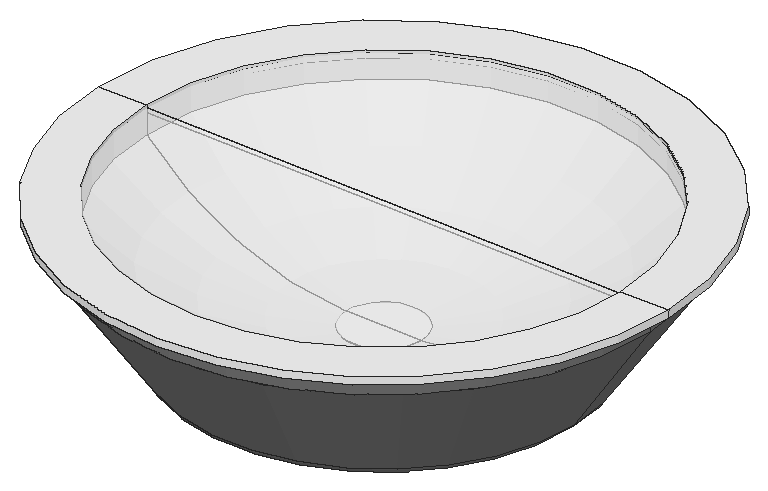
Revit family "0030308", category Lighting Fixtures, host Face, Revit 2016
Family settings
  Host = Face
  Part Type = Normal
  Round Connector Dimension = Use Diameter
  OmniClass Number = 23.80.70.00
  OmniClass Title = Lighting
  Cut with Voids When Loaded = No
  Light Source = Yes
  Shared = No
  Room Calculation Point = No
Parameters (values of type "0030308 Insaver Slim IP44 225 3850lm 830")
  WidthBezel_SYL = if(Size1_SYL, 20 mm, if(Size2_SYL, 20 mm, if(Size3PIR_SYL, 30 mm, if(Size4_SYL, 20 mm, 20 mm))))  # 20 mm
  Weight = "11.4 kg"
  Wattage Comments = ""
  Wattage = 33 W
  WarrantyStartDate [instance] = "n/a"
  WarrantyGuarantorParts = "n/a"
  WarrantyDurationUnit = "n/a"
  WarrantyDurationParts = "n/a"
  WarrantyDescription = "n/a"
  built-in parameter 1150110 = 1 (stored number, unit not read)
  Voltage = 230 V
  VisibilityPIR_SYL = Size3PIR_SYL  # no
  URL = "http://www.sylvania-lighting.com"
  TypeName = "Insaver Slim IP44 225 3850lm 830"
  Type Image = <None>
  Type Comments = "n/a"
  built-in parameter 1114217 = 1 (stored number, unit not read)
  Tilt Angle = -90.00°
  built-in parameter 1150109 = 1 (stored number, unit not read)
  built-in parameter 1150134 = (empty or 0)
  built-in parameter 1150113 = 1 (stored number, unit not read)
  Size4_SYL = no
  Size3PIR_SYL = no
  Size2_SYL = no
  Size1_SYL = no
  SerialNumber [instance] = "n/a"
  RadiusTop_SYL = 6 mm
  RadiusReflector_SYL = if(Size1_SYL, 85 mm, if(Size2_SYL, 85 mm, if(Size3PIR_SYL, 85 mm, if(Size4_SYL, 100 mm, 120 mm))))  # 120 mm
  Photometric Web File = "0030308.ies"
  Material_3_FEILO = Top-Sylvania-STARTDownlight
  PowerFactor = 0.9
  PowerConsumption = "33 W"
  NominalLength = 240 mm
  NominalHeight = 60 mm
  NominalDepth = 240 mm
  Name = "Insaver Slim IP44 225 3850lm 830"
  ModelReference = Name  # "Insaver Slim IP44 225 3850lm 830"
  ModelNumber = "0030308"
  Model = Name  # "Insaver Slim IP44 225 3850lm 830"
  Material = "aluminium housing, na diffuser"
  ManufacturerName = "Feilo Sylvania"
  Manufacturer = "Feilo Sylvania"
  LuminousEfficacy = "117 lm/W"
  built-in parameter 1150105 = 307.25 (stored number, unit not read)
  Lumens = 3861 lm
  LuminaireType = ""
  built-in parameter 1150115 = 1 (stored number, unit not read)
  LightOutputRatio = "n/a"
  built-in parameter 1150137 = (empty or 0)
  built-in parameter 1150139 = (empty or 0)
  LampsType = Lamp  # "LED"
  LampNominalLuminous = "3850 lm"
  LampMacAdamStep = "5"
  LampColourTemperature = "3000 K"
  LampColourRenderingIndex = "80"
  built-in parameter 1150112 = 1 (stored number, unit not read)
  built-in parameter 1150114 = 1 (stored number, unit not read)
  Lamp = "LED"
  Keynote = "16500"
  InstallationDate [instance] = "n/a"
  InputVoltage = "AC 220-240 V"
  InputNominalFrequency = "50/60 Hz"
  built-in parameter 1150132 = (empty or 0)
  built-in parameter 1150102 = (empty or 0)
  built-in parameter 1150107 = 3000 (stored number, unit not read)
  built-in parameter 1150138 = (empty or 0)
  IngressProtection = "IP40/20"
  ImpactProtectionIndex = "IK07"
  built-in parameter 1150106 = 3.0725 (stored number, unit not read)
  IfcExportType = "IfcLightFixtureType"
  IfcExportAs = "IfcLightFixtureType"
  Height_SYL = if(Size1_SYL, 61 mm, if(Size2_SYL, 61 mm, if(Size3PIR_SYL, 61 mm, if(Size4_SYL, 61 mm, 60 mm))))  # 60 mm
  HeightBezel_SYL = if(Size1_SYL, 3 mm, if(Size2_SYL, 3 mm, if(Size3PIR_SYL, 3 mm, if(Size4_SYL, 3.2 mm, 3 mm))))  # 3 mm
  ExpectedLife = 50000
  Emit from Circle Diameter = Diameter_SYL - 40 mm  # 200 mm
  Emit Shape Visible in Rendering = no
  ElectricShockClassification = "Class II"
  built-in parameter 1150104 = 10.87 (stored number, unit not read)
  DurationUnit = "hours"
  DocumentationLiterature = "http://www.sylvania-lighting.com/product/en-int/products/0030308"
  DimmingControlOptions = "n/a"
  Material_2_FEILO = Diffuser-Sylvania-STARTDownlight
  Dimming Lamp Color Temperature Shift = <None>
  Diameter_SYL = if(Size1_SYL, 165 mm, if(Size2_SYL, 190 mm, if(Size3PIR_SYL, 211 mm, if(Size4_SYL, 220 mm, 240 mm))))  # 240 mm
  DiameterTop_SYL = if(Size1_SYL, 98 mm, if(Size2_SYL, 122 mm, if(Size3PIR_SYL, 120 mm, if(Size4_SYL, 135 mm, 158 mm))))  # 158 mm
  DiameterTopBase_SYL = DiameterRecess_SYL  # 225 mm
  DiameterRecess_SYL = if(Size1_SYL, 150 mm, if(Size2_SYL, 170 mm, if(Size3PIR_SYL, 186 mm, if(Size4_SYL, 200 mm, 225 mm))))  # 225 mm
  Description = ""
  Default Elevation = 1219.2 mm
  CreatedOn = "3/18/2019"
  CreatedBy = "@sylvania-lighting.com"
  Cost = 0
  Color Filter = 16777215
  built-in parameter 1114216 [instance] = (empty or 0)
  ClassificationValue = "EF_70_80"
  ClassificationName = "Uniclass2015"
  Material_1_FEILO = Trim-Sylvania-STARTDownlight-White
  BarCode [instance] = "n/a"
  built-in parameter 1114218 = 1 (stored number, unit not read)
  built-in parameter 1150133 = 10 (stored number, unit not read)
  AssetType = "Fixed"
  AssetIdentifier [instance] = "n/a"
  Assembly Code = "D5020200"
  Apparent Load = 33 VA
  Material_4_FEILO = LED-Sylvania-STARTDownlight
Reference planes
  plane 1 "Center (Front/Back)": y = 0
  plane 2: z = 0
  plane 3 "Center (Left/Right)": x = 0
  plane 4: x = 120
  plane 5: x = -120
  plane 6: z = 3
  plane 7: z = -8
  plane 8: z = -57
  plane 9: x = -112.5
  plane 10: x = 112.5
  plane 11: x = -79
  plane 12: x = 79
  plane 13: z = -85
  plane 14: x = -100
  plane 15: z = 2
  plane 16: z = -45
  plane 17: x = -16
  plane 18: x = -105
  plane 19: x = -81.5
  plane 20: x = -99.5
  plane 21: x = -114
  plane 22: z = 5.5
  plane 23: z = 8.7
  plane 24: x = -113
  plane 25: z = 13.7
Forms (mm)
  Revolve 1, void
    sketch origin (0, 0, 0) x (1, 0, 0) y (0, 0, 1)
      loop
        line (0, 0) -> (-112.5, 0) -> (-112.5, -85) -> (0, -85) -> (0, 0)
      axis (0, 0) -> (0, -85)
    angle from 360 to 0
  Revolve 2, solid, material "Trim-Sylvania-STARTDownlight-White" <- "Material_1_FEILO"
    sketch origin (0, 0, 0) x (1, 0, 0) y (0, 0, 1)
      loop
        line (-100, 3) -> (-120, 3) -> (-120, 0) -> (-112.5, 0) -> (-112.5, -8) -> (-80.681, -53.768)
        arc (-80.681, -53.768) -> (-78.471, -56.129) -> (-75.357, -57) r 6
        line (-75.357, -57) -> (0, -57) -> (0, -45) -> (-16, -45)
        arc (-16, -45) -> (-61.677, -34.849) -> (-100, -8) r 120
        line (-100, -8) -> (-100, 3)
      axis (0, 3) -> (0, -57)
    angle from 360 to 0
  Revolve 3, solid, material "Diffuser-Sylvania-STARTDownlight" <- "Material_2_FEILO"
    sketch origin (0, 0, 0) x (1, 0, 0) y (0, 0, 1)
      loop
        line (-100, 0) -> (0, 0) -> (0, 2) -> (-100, 2) -> (-100, 0)
      axis (0, 2) -> (0, 0)
    angle from 360 to 0
  Revolve 4, solid, material "Trim-Sylvania-STARTDownlight-White" <- "Material_1_FEILO", visible <- "VisibilityPIR_SYL"
    sketch origin (0, 0, 0) x (1, 0, 0) y (0, 0, 1)
      loop
        line (-105, 3) -> (-105, 13.7)
        arc (-105, 13.7) -> (-109.717, 12.347) -> (-113, 8.7) r 8.9
        line (-113, 8.7) -> (-113, 5.5) -> (-114, 5.5) -> (-114, 3) -> (-105, 3)
      axis (-105, 13.7) -> (-105, 3)
    angle from 360 to 0
Dimensions and locks
  equal spacing: plane 4, plane 3 "Center (Left/Right)", plane 5
  "Diameter_SYL": plane 4 to plane 5
  equal spacing: plane 10, plane 3 "Center (Left/Right)", plane 9
  equal spacing: plane 12, plane 3 "Center (Left/Right)", plane 11
  "DiameterTop_SYL": plane 12 to plane 11
  "HeightBezel_SYL": plane 6 to plane 2
  "Height_SYL": plane 6 to plane 8
  locked: plane 2 to plane 7 at 8
  locked: plane 2 to plane 13 at 85
  "WidthBezel_SYL": plane 14 to plane 5
  locked: plane 6 to plane 15 at 1
  "DiameterRecess_SYL": plane 10 to plane 9
  locked: plane 3 "Center (Left/Right)" to plane 17 at 16
  locked: plane 16 to plane 8 at 12
  locked: plane 18 to plane 21 at 9
  locked: plane 22 to plane 6 at 2.5
  locked: plane 23 to plane 22 at 3.2
  locked: plane 18 to plane 24 at 8
  locked: plane 25 to plane 23 at 5
  locked: plane 25 to Revolve 4 sketch curve at 8.9
  locked: plane 18 to plane 5 at 15
  "RadiusReflector_SYL": radius of Revolve 2 sketch curve
  "RadiusTop_SYL": radius of Revolve 2 sketch curve
  aligned and locked: plane 2 to host face
  aligned and locked: level to host face
  aligned and locked: Revolve 1 sketch curve to plane 3 "Center (Left/Right)"
  aligned and locked: plane 3 "Center (Left/Right)" to Revolve 1 sketch curve
  aligned and locked: Revolve 1 sketch curve to plane 9
  aligned and locked: plane 13 to Revolve 1 sketch curve
  aligned and locked: plane 3 "Center (Left/Right)" to imposter light
  aligned and locked: imposter light to plane 15
  aligned and locked: imposter light to plane 1 "Center (Front/Back)"
  aligned and locked: Revolve 2 sketch curve to plane 3 "Center (Left/Right)"
  aligned and locked: Revolve 2 sketch curve to plane 6
  aligned and locked: Revolve 2 sketch curve to plane 5
  aligned and locked: Revolve 2 sketch curve to level
  aligned and locked: plane 7 to Revolve 2 sketch curve  (x2)
  aligned and locked: Revolve 2 sketch curve to plane 9
  aligned and locked: plane 8 to Revolve 2 sketch curve
  aligned and locked: Revolve 2 sketch curve to plane 14
  aligned and locked: plane 3 "Center (Left/Right)" to Revolve 2 sketch curve
  aligned and locked: Revolve 2 sketch curve to plane 16
  aligned and locked: Revolve 3 sketch curve to plane 3 "Center (Left/Right)"
  aligned and locked: Revolve 3 sketch curve to level
  aligned and locked: imposter light to Revolve 3 sketch curve  (x2)
  aligned and locked: Revolve 4 sketch curve to plane 18  (x2)
  aligned and locked: Revolve 4 sketch curve to plane 6
  aligned and locked: plane 22 to Revolve 4 sketch curve
  aligned and locked: plane 24 to Revolve 4 sketch curve
  aligned and locked: Revolve 4 sketch curve to Revolve 4 sketch curve
  aligned and locked: plane 21 to Revolve 4 sketch curve
Automatic sketch dimensions
  host sketch curve to host sketch curve = 2438.4 mm  (x2)
  plane 13 to Revolve 1 sketch curve = 524.6 mm
  Revolve 1 sketch curve to plane 6 = 2606.058 mm
  Revolve 1 sketch curve to level = 0 mm
  Revolve 2 sketch curve to plane 17 = 0 mm
  Revolve 2 sketch curve to plane 11 = 1.681 mm
  plane 11 to Revolve 2 sketch curve = 3.643 mm
  plane 13 to Revolve 2 sketch curve = 524.6 mm
  Revolve 2 sketch curve to Revolve 2 sketch curve = 2577.983 mm
  Revolve 3 sketch curve to plane 14 = 0 mm
  plane 13 to Revolve 3 sketch curve = 524.6 mm
  Revolve 3 sketch curve to plane 6 = 2606.058 mm
  Revolve 4 sketch curve to plane 23 = 0 mm
  plane 13 to Revolve 4 sketch curve = 524.6 mm
  Revolve 4 sketch curve to Revolve 4 sketch curve = 2595.358 mm
Connectors
  electrical at (0, 0, 0), driven by "Apparent Load", driven by "PowerFactor", driven by "Voltage"
    settings: index 1, voltage 230 V, apparent load 33 VA, apparent load phase1 0 VA, apparent load phase2 0 VA, apparent load phase3 0 VA, power factor 0.9, load classification "Lighting", number of poles 1, system type 30, power factor state 1, is connector primary yes, connector utility no, sub classification motor no, connector description ""
